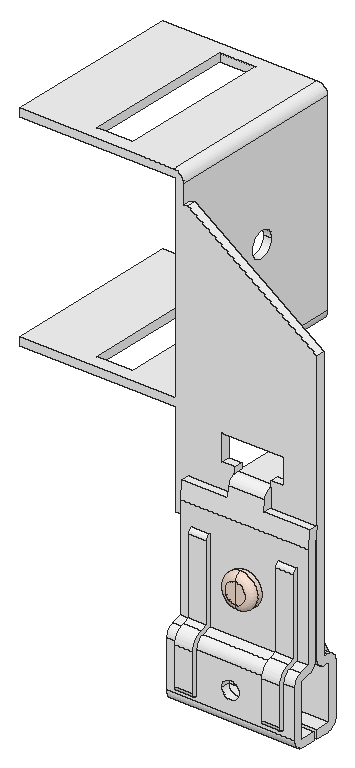
Revit family "cthanger_h38_left", category 機械設備, Revit 2022
Family settings
  丸型コネクタ寸法 = 直径を使用
  種別 = なし
  パーツ タイプ = 標準
  作業面ベース = いいえ
  常に垂直 = はい
  ロード時にボイドで切り取り = いいえ
  注釈の向きを維持 = いいえ
  共有 = いいえ
  部屋計算ポイント = いいえ
Parameters
  製造元 = "株式会社桐井製作所"
  既定の高さ = 0 mm
  URL = "https://www.kirii.co.jp/"
  K_材質 = "溶融亜鉛めっき鋼板及び鋼帯 SGCC 一般用"
  K_品名 = "CTハンガーH＝38アキ左"
  K_名称 = "CTハンガー"
  K_入数 = "170"
  K_備考 = "対象Tバー：eT4025、eAT4025"
  K_バージョン情報 = "20220915"
  K_めっき付着量 = "Z12"
  K_JIS規格 = "JIS G 3302"
Reference planes
  plane 1 "中心(正面/背面)": y = 0
  plane 2: z = 0
  plane 3 "中心(左/右)": x = 0
Forms (mm)
  Extrusion 1, void
    sketch origin (0, -1.2, 0) x (-1, 0, 0) y (0, 0, 1)
      loop
        line (-6, 31.356) -> (-6, 26.343) -> (-3.5, 26.343) -> (-3.5, 21.356) -> (3.5, 21.356) -> (3.5, 26.343) -> (6, 26.343) -> (6, 31.356) -> (-6, 31.356)
    from 1.2 to 2.8
  Extrusion 2, void
    sketch origin (0, 0.4, 0) x (1, 0, 0) y (0, 0, 1)
      loop
        line (-13.5, 14.356) -> (-15.1, 14.356) -> (-15.1, -15.644) -> (-12.5, -15.644) -> (-12.5, 13.356)
        arc (-12.5, 13.356) -> (-12.793, 14.063) -> (-13.5, 14.356) r 1
    from -4.2 to 5.8
  Extrusion 3, solid, material "05吊り材"
    sketch origin (0, 1.2, 0) x (0, 1, 0) y (0, 0, -1)
      loop
        line (1.8, 3.544) -> (0.8, 3.544)
        arc (0.8, 3.544) -> (-0.614, 2.958) -> (-1.2, 1.544) r 2
        line (-1.2, 1.544) -> (-1.2, -68.759) -> (0.4, -68.759) -> (0.4, -11.856) -> (0.4, 1.944) -> (1.4, 1.944)
        arc (1.4, 1.944) -> (2.814, 2.53) -> (3.4, 3.944) r 2
        line (3.4, 3.944) -> (3.4, 13.644)
        arc (3.4, 13.644) -> (2.814, 15.058) -> (1.4, 15.644) r 2
        line (1.4, 15.644) -> (-1.2, 15.644) -> (-1.2, 14.044) -> (1.8, 14.044) -> (1.8, 3.544)
    from -12.5 to 15.1
  Extrusion 4, solid, material "05吊り材"
    sketch origin (16, 1.2, 0) x (0, 1, 0) y (0, 0, -1)
      loop
        line (1.3, -12.456) -> (1.3, 1.087) -> (2.095, 1.087)
        arc (2.095, 1.087) -> (3.685, 2.14) -> (4.3, 3.944) r 2.953
        line (4.3, 3.944) -> (4.3, 11.744)
        arc (4.3, 11.744) -> (4.036, 12.38) -> (3.4, 12.644) r 0.9
        line (3.4, 12.644) -> (3.4, 3.944)
        arc (3.4, 3.944) -> (2.814, 2.53) -> (1.4, 1.944) r 2
        line (1.4, 1.944) -> (0.4, 1.944) -> (0.4, -13.356)
        arc (0.4, -13.356) -> (1.036, -13.093) -> (1.3, -12.456) r 0.9
      loop
        line (-4, 1.245) -> (-4, -13.556)
        arc (-4, -13.556) -> (-3.766, -14.122) -> (-3.2, -14.356) r 0.8
        line (-3.2, -14.356) -> (-3.2, 1.844) -> (-5.093, 2.4)
        arc (-5.093, 2.4) -> (-6.181, 3.157) -> (-6.6, 4.415) r 2.1
        line (-6.6, 4.415) -> (-6.6, 12.644)
        arc (-6.6, 12.644) -> (-7.166, 12.409) -> (-7.4, 11.844) r 0.8
        line (-7.4, 11.844) -> (-7.4, 4.415)
        arc (-7.4, 4.415) -> (-6.822, 2.678) -> (-5.318, 1.633) r 2.9
        line (-5.318, 1.633) -> (-4, 1.245)
    from 5.75 to 9.25
  Extrusion 5, void
    sketch origin (0, -42.1, 50.967) x (1, 0, 0) y (0, 0, -1)
      loop
        line (-3.5, 25.623) -> (-3.5, 29.342) -> (-12.5, 29.342) -> (-12.5, 25.623) -> (-3.5, 25.623)
      loop
        line (12.5, 25.623) -> (12.5, 29.342) -> (3.5, 29.342) -> (3.5, 25.623) -> (12.5, 25.623)
    from 40.1 to 51.2
  Extrusion 6, solid, material "05吊り材"
    sketch origin (0, 1.2, 0) x (0, 1, 0) y (0, 0, -1)
      loop
        line (-5, 4.041) -> (-5, 14.044) -> (-2, 14.044) -> (-2, 15.644) -> (-4.5, 15.644)
        arc (-4.5, 15.644) -> (-5.985, 15.029) -> (-6.6, 13.544) r 2.1
        line (-6.6, 13.544) -> (-6.6, 4.415)
        arc (-6.6, 4.415) -> (-6.181, 3.157) -> (-5.093, 2.4) r 2.1
        line (-5.093, 2.4) -> (-3.2, 1.844) -> (-3.2, -18.356) -> (-2.659, -23.655)
        arc (-2.659, -23.655) -> (-1.932, -24.867) -> (-0.6, -25.343) r 2.1
        line (-0.6, -25.343) -> (7.9, -25.343) -> (7.9, -23.756) -> (-0.6, -23.756)
        arc (-0.6, -23.756) -> (-0.954, -23.61) -> (-1.1, -23.256) r 0.5
        line (-1.1, -23.256) -> (-1.6, -18.356) -> (-1.6, 1.47)
        arc (-1.6, 1.47) -> (-2.019, 2.728) -> (-3.107, 3.484) r 2.1
        line (-3.107, 3.484) -> (-5, 4.041)
    from -12.5 to 12.5
  Extrusion 7, solid, material "05吊り材"
    sketch origin (-1, 1.2, 0) x (0, 1, 0) y (0, 0, -1)
      loop
        line (1.3, -12.456) -> (1.3, 1.087) -> (2.095, 1.087)
        arc (2.095, 1.087) -> (3.685, 2.14) -> (4.3, 3.944) r 2.953
        line (4.3, 3.944) -> (4.3, 11.744)
        arc (4.3, 11.744) -> (4.036, 12.38) -> (3.4, 12.644) r 0.9
        line (3.4, 12.644) -> (3.4, 3.944)
        arc (3.4, 3.944) -> (2.814, 2.53) -> (1.4, 1.944) r 2
        line (1.4, 1.944) -> (0.4, 1.944) -> (0.4, -13.356)
        arc (0.4, -13.356) -> (1.036, -13.093) -> (1.3, -12.456) r 0.9
      loop
        line (-4, 1.245) -> (-4, -13.556)
        arc (-4, -13.556) -> (-3.766, -14.122) -> (-3.2, -14.356) r 0.8
        line (-3.2, -14.356) -> (-3.2, 1.844) -> (-5.093, 2.4)
        arc (-5.093, 2.4) -> (-6.181, 3.157) -> (-6.6, 4.415) r 2.1
        line (-6.6, 4.415) -> (-6.6, 12.644)
        arc (-6.6, 12.644) -> (-7.166, 12.409) -> (-7.4, 11.844) r 0.8
        line (-7.4, 11.844) -> (-7.4, 4.415)
        arc (-7.4, 4.415) -> (-6.822, 2.678) -> (-5.318, 1.633) r 2.9
        line (-5.318, 1.633) -> (-4, 1.245)
    from 5.75 to 9.25
  Extrusion 8, solid, material "05吊り材"
    sketch origin (16, 1.2, 0) x (0, 1, 0) y (0, 0, -1)
      loop
        line (1.3, -12.456) -> (1.3, 1.087) -> (2.095, 1.087)
        arc (2.095, 1.087) -> (3.685, 2.14) -> (4.3, 3.944) r 2.953
        line (4.3, 3.944) -> (4.3, 11.744)
        arc (4.3, 11.744) -> (4.036, 12.38) -> (3.4, 12.644) r 0.9
        line (3.4, 12.644) -> (3.4, 3.944)
        arc (3.4, 3.944) -> (2.814, 2.53) -> (1.4, 1.944) r 2
        line (1.4, 1.944) -> (0.4, 1.944) -> (0.4, -13.356)
        arc (0.4, -13.356) -> (1.036, -13.093) -> (1.3, -12.456) r 0.9
      loop
        line (-4, 1.245) -> (-4, -13.556)
        arc (-4, -13.556) -> (-3.766, -14.122) -> (-3.2, -14.356) r 0.8
        line (-3.2, -14.356) -> (-3.2, 1.844) -> (-5.093, 2.4)
        arc (-5.093, 2.4) -> (-6.181, 3.157) -> (-6.6, 4.415) r 2.1
        line (-6.6, 4.415) -> (-6.6, 12.644)
        arc (-6.6, 12.644) -> (-7.166, 12.409) -> (-7.4, 11.844) r 0.8
        line (-7.4, 11.844) -> (-7.4, 4.415)
        arc (-7.4, 4.415) -> (-6.822, 2.678) -> (-5.318, 1.633) r 2.9
        line (-5.318, 1.633) -> (-4, 1.245)
    from 5.75 to 9.25
  Extrusion 9, solid, material "05吊り材"
    sketch origin (0, 35, 17.9) x (1, 0, 0) y (0, 0, 1)
      loop
        line (-45.5, 56.456) -> (-45.5, 54.856) -> (-15.1, 54.856) -> (-15.1, 16.456) -> (-45.5, 16.456) -> (-45.5, 14.856) -> (-15.5, 14.856)
        arc (-15.5, 14.856) -> (-14.086, 15.442) -> (-13.5, 16.856) r 2
        line (-13.5, 16.856) -> (-13.5, 54.456)
        arc (-13.5, 54.456) -> (-14.086, 55.87) -> (-15.5, 56.456) r 2
        line (-15.5, 56.456) -> (-45.5, 56.456)
    from 0 to 35
  Extrusion 10, void
    sketch origin (0, 36.563, 17.9) x (0, 1, 0) y (0, 0, 1)
      loop
        circle (-17.5, 35.456) r 2.5
    from -15.1 to -13.5
  Extrusion 11, void
    sketch origin (0, 33.438, 17.9) x (1, 0, 0) y (0, 1, 0)
      loop
        line (-32.5, -0.9) -> (-32.5, -30.9) -> (-25.5, -30.9) -> (-25.5, -0.9) -> (-32.5, -0.9)
    from 54.856 to 56.456
  Extrusion 12, void
    sketch origin (0, 33.438, -22.1) x (1, 0, 0) y (0, 1, 0)
      loop
        line (-32.5, -0.9) -> (-32.5, -30.9) -> (-25.5, -30.9) -> (-25.5, -0.9) -> (-32.5, -0.9)
    from 54.856 to 56.456
  Extrusion 13, void
    sketch origin (0, 0.4, 17.303) x (1, 0, 0) y (0, 0, 1)
      loop
        line (-12.638, 51.456) -> (12.5, 34.053) -> (12.5, 51.456) -> (-12.638, 51.456)
    from -1.2 to 0.4
  Extrusion 14, void
    sketch origin (0.011, -1.2, 0.919) x (-1, 0, 0) y (0, 0, 1)
      loop
        circle (0, 6.373) r 2.5
    from -0.8 to 3.2
  Extrusion 15, solid, material "アルミニウム"
    sketch origin (0, 1.2, 0.846) x (-1, 0, 0) y (0, 0, -1)
      loop
        circle (0, -6.436) r 4.1
      loop
        circle (0, -6.436) r 2.499
    from -1.8 to 0
  Extrusion 16, solid, material "05吊り材"
    sketch origin (0, 0, 0) x (0, 1, 0) y (0, 0, 1)
      loop
        line (11, 35.956) -> (0, 35.956) -> (0, 14.356) -> (4.726, 14.356) -> (11, 35.956)
    from -15.1 to -13.5
  Extrusion 17, void
    sketch origin (0, 0, 0) x (1, 0, 0) y (0, 0, 1)
      loop
        circle (0, -9.144) r 1.75
    from 3.8 to 5.4
  Extrusion 18, void
    sketch origin (0, 8.4, 0) x (1, 0, 0) y (0, 0, 1)
      loop
        circle (0, -9.144) r 1.75
    from 3.8 to 5.4
Cuts and joins
  Extrusion 5, Extrusion 14, Extrusion 17, Extrusion 18 cuts Extrusion 6
  joined: Extrusion 4, Extrusion 6
  Extrusion 1, Extrusion 2, Extrusion 13, Extrusion 14, Extrusion 18 cuts Extrusion 3
  Extrusion 10, Extrusion 11, Extrusion 12 cuts Extrusion 9
  joined: Extrusion 3, Extrusion 7, Extrusion 8, Extrusion 9, Extrusion 16
Dimensions and locks
  aligned and locked: level to plane 2
Nested families
  nested 1: "直吊りハンガー用ビス" at (0, -1.966, 7.283) x (-1, 0, 0) z (0, 0, 1), type "直吊りハンガー用ビス"
Definition of nested family "直吊りハンガー用ビス"
  Parameters (values of type "直吊りハンガー用ビス")
    Manufacturer = "株式会社桐井製作所"
    Default Elevation = 0 mm
    URL = "https://www.kirii.co.jp/"
    K_名称 = "M6×25ボルト"
  Reference planes
    plane 1 "中心(正面/背面)": y = 0
    plane 2: z = 0
    plane 3 "中心(左/右)": x = 0
    plane 4 "正面": y = -5
  Forms (mm)
    Extrusion 1, solid
      sketch origin (0, 0, 0.234) x (1, 0, 0) y (0, 0, 1)
        loop
          circle (-0.011, -0.2) r 2.5
      from 0 to -5
    Revolve 2, solid
      sketch origin (0, 0, 0) x (0, 1, 0) y (0, 0, 1)
        loop
          line (0, 0) -> (-2.299, 0) -> (-2.299, -1.966)
          arc (-2.299, -1.966) -> (-1.904, -2.921) -> (-0.949, -3.316) r 1.35
          line (-0.949, -3.316) -> (0, -3.316) -> (0, 0)
        axis (0, 0) -> (-2.299, 0)
      angle from 0 to 360
  Cuts and joins
    joined: Extrusion 1, Revolve 2
  Dimensions and locks
    aligned and locked: level to plane 2
